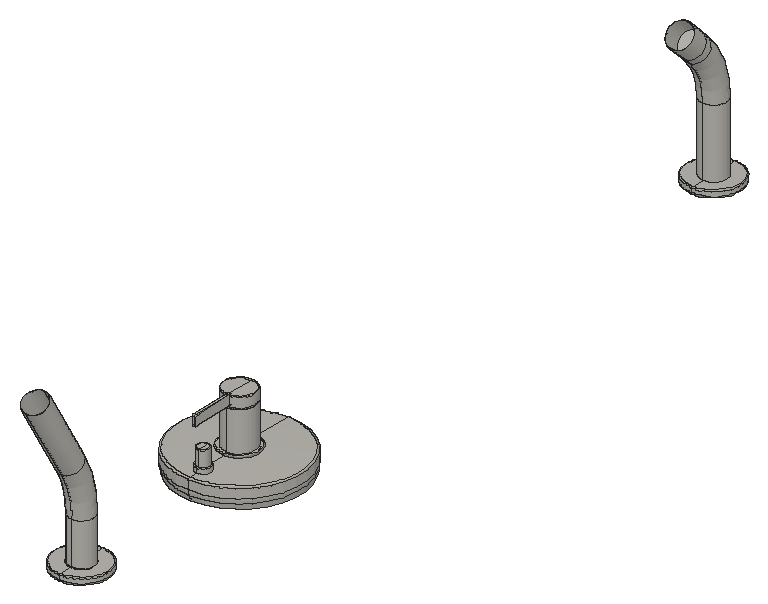
Revit family "Shower-Bath_and_Shower_Trim-KOHLER-Stillness-K-T948", category Plumbing Fixtures, host Face, Revit 2015 (continued)
Definition of nested family "K-948-Showerhead"
  Lines and regions (in)
    symbolic lines, visible <- "ShowerHead", detail levels medium+fine
      curve 80: spline (-1.05088, -4.53476, 0) -> (-1.02639, -4.53248, 0) -> (-1.00356, -4.52579, 0) -> (-0.98396, -4.51516, 0) -> (-0.96892, -4.5013, 0) -> (-0.95947, -4.48516, 0) -> (-0.95624, -4.46784, 0) -> (-0.95947, -4.45052, 0) -> (-0.96892, -4.43438, 0) -> (-0.98396, -4.42052, 0) -> (-1.00356, -4.40988, 0) -> (-1.02639, -4.40319, 0) -> (-1.05088, -4.40091, 0)
      curve 81: spline (-0.62285, -4.70358, 0) -> (-0.62608, -4.68626, 0) -> (-0.63553, -4.67012, 0) -> (-0.65057, -4.65626, 0) -> (-0.67018, -4.64562, 0) -> (-0.693, -4.63894, 0) -> (-0.7175, -4.63666, 0) -> (-0.74199, -4.63894, 0) -> (-0.76482, -4.64562, 0) -> (-0.78442, -4.65626, 0) -> (-0.79946, -4.67012, 0) -> (-0.80891, -4.68626, 0) -> (-0.81214, -4.70358, 0)
      curve 82: spline (-0.81214, -4.70358, 0) -> (-0.80891, -4.7209, 0) -> (-0.79946, -4.73704, 0) -> (-0.78442, -4.7509, 0) -> (-0.76482, -4.76153, 0) -> (-0.74199, -4.76822, 0) -> (-0.7175, -4.7705, 0) -> (-0.693, -4.76822, 0) -> (-0.67018, -4.76153, 0) -> (-0.65057, -4.7509, 0) -> (-0.63553, -4.73704, 0) -> (-0.62608, -4.7209, 0) -> (-0.62285, -4.70358, 0)
      curve 83: spline (-0.26271, -4.80768, 0) -> (-0.25949, -4.825, 0) -> (-0.25003, -4.84114, 0) -> (-0.23499, -4.855, 0) -> (-0.21539, -4.86563, 0) -> (-0.19257, -4.87232, 0) -> (-0.16807, -4.8746, 0) -> (-0.14358, -4.87232, 0) -> (-0.12075, -4.86563, 0) -> (-0.10115, -4.855, 0) -> (-0.08611, -4.84114, 0) -> (-0.07665, -4.825, 0) -> (-0.07343, -4.80768, 0)
      curve 84: spline (-0.07343, -4.80768, 0) -> (-0.07665, -4.79036, 0) -> (-0.08611, -4.77422, 0) -> (-0.10115, -4.76036, 0) -> (-0.12075, -4.74972, 0) -> (-0.14358, -4.74303, 0) -> (-0.16807, -4.74075, 0) -> (-0.19257, -4.74303, 0) -> (-0.21539, -4.74972, 0) -> (-0.23499, -4.76036, 0) -> (-0.25003, -4.77422, 0) -> (-0.25949, -4.79036, 0) -> (-0.26271, -4.80768, 0)
      curve 85: spline (-0.09252, -4.32858, 0) -> (-0.09575, -4.31126, 0) -> (-0.1052, -4.29512, 0) -> (-0.12024, -4.28126, 0) -> (-0.13985, -4.27062, 0) -> (-0.16267, -4.26394, 0) -> (-0.18717, -4.26166, 0) -> (-0.21166, -4.26394, 0) -> (-0.23449, -4.27062, 0) -> (-0.25409, -4.28126, 0) -> (-0.26913, -4.29512, 0) -> (-0.27858, -4.31126, 0) -> (-0.28181, -4.32858, 0)
      curve 86: spline (-0.28181, -4.32858, 0) -> (-0.27858, -4.3459, 0) -> (-0.26913, -4.36204, 0) -> (-0.25409, -4.3759, 0) -> (-0.23449, -4.38653, 0) -> (-0.21166, -4.39322, 0) -> (-0.18717, -4.3955, 0) -> (-0.16267, -4.39322, 0) -> (-0.13985, -4.38653, 0) -> (-0.12024, -4.3759, 0) -> (-0.1052, -4.36204, 0) -> (-0.09575, -4.3459, 0) -> (-0.09252, -4.32858, 0)
      curve 87: spline (-0.52055, -4.02591, 0) -> (-0.54505, -4.02819, 0) -> (-0.56788, -4.03488, 0) -> (-0.58748, -4.04552, 0) -> (-0.60252, -4.05938, 0) -> (-0.61197, -4.07552, 0) -> (-0.6152, -4.09284, 0) -> (-0.61197, -4.11016, 0) -> (-0.60252, -4.1263, 0) -> (-0.58748, -4.14016, 0) -> (-0.56788, -4.15079, 0) -> (-0.54505, -4.15748, 0) -> (-0.52055, -4.15976, 0)
      curve 88: spline (-0.52055, -4.15976, 0) -> (-0.49606, -4.15748, 0) -> (-0.47323, -4.15079, 0) -> (-0.45363, -4.14016, 0) -> (-0.43859, -4.1263, 0) -> (-0.42914, -4.11016, 0) -> (-0.42591, -4.09284, 0) -> (-0.42914, -4.07552, 0) -> (-0.43859, -4.05938, 0) -> (-0.45363, -4.04552, 0) -> (-0.47323, -4.03488, 0) -> (-0.49606, -4.02819, 0) -> (-0.52055, -4.02591, 0)
      curve 89: spline (-0.52055, -3.89507, 0) -> (-0.49606, -3.89278, 0) -> (-0.47323, -3.8861, 0) -> (-0.45363, -3.87546, 0) -> (-0.43859, -3.8616, 0) -> (-0.42914, -3.84546, 0) -> (-0.42591, -3.82814, 0) -> (-0.42914, -3.81082, 0) -> (-0.43859, -3.79468, 0) -> (-0.45363, -3.78082, 0) -> (-0.47323, -3.77019, 0) -> (-0.49606, -3.7635, 0) -> (-0.52055, -3.76122, 0)
      curve 90: spline (-0.52055, -3.76122, 0) -> (-0.54505, -3.7635, 0) -> (-0.56788, -3.77019, 0) -> (-0.58748, -3.78082, 0) -> (-0.60252, -3.79468, 0) -> (-0.61197, -3.81082, 0) -> (-0.6152, -3.82814, 0) -> (-0.61197, -3.84546, 0) -> (-0.60252, -3.8616, 0) -> (-0.58748, -3.87546, 0) -> (-0.56788, -3.8861, 0) -> (-0.54505, -3.89278, 0) -> (-0.52055, -3.89507, 0)
      curve 91: spline (-0.28181, -3.5924, 0) -> (-0.27858, -3.60972, 0) -> (-0.26913, -3.62586, 0) -> (-0.25409, -3.63972, 0) -> (-0.23449, -3.65036, 0) -> (-0.21166, -3.65704, 0) -> (-0.18717, -3.65932, 0) -> (-0.16267, -3.65704, 0) -> (-0.13985, -3.65036, 0) -> (-0.12024, -3.63972, 0) -> (-0.1052, -3.62586, 0) -> (-0.09575, -3.60972, 0) -> (-0.09252, -3.5924, 0)
      curve 92: spline (-0.09252, -3.5924, 0) -> (-0.09575, -3.57508, 0) -> (-0.1052, -3.55894, 0) -> (-0.12024, -3.54508, 0) -> (-0.13985, -3.53445, 0) -> (-0.16267, -3.52776, 0) -> (-0.18717, -3.52548, 0) -> (-0.21166, -3.52776, 0) -> (-0.23449, -3.53445, 0) -> (-0.25409, -3.54508, 0) -> (-0.26913, -3.55894, 0) -> (-0.27858, -3.57508, 0) -> (-0.28181, -3.5924, 0)
      curve 93: spline (0, -4.1278, 0) -> (-0.07965, -4.12038, 0) -> (-0.15388, -4.09864, 0) -> (-0.21762, -4.06406, 0) -> (-0.26652, -4.01899, 0) -> (-0.29727, -3.96651, 0) -> (-0.30775, -3.91018, 0) -> (-0.29727, -3.85386, 0) -> (-0.26652, -3.80138, 0) -> (-0.21762, -3.75631, 0) -> (-0.15388, -3.72172, 0) -> (-0.07965, -3.69998, 0) -> (0, -3.69257, 0)
      curve 94: spline (0, -3.69257, 0) -> (0.07965, -3.69998, 0) -> (0.15388, -3.72172, 0) -> (0.21762, -3.75631, 0) -> (0.26652, -3.80138, 0) -> (0.29727, -3.85386, 0) -> (0.30775, -3.91018, 0) -> (0.29727, -3.96651, 0) -> (0.26652, -4.01899, 0) -> (0.21762, -4.06406, 0) -> (0.15388, -4.09864, 0) -> (0.07965, -4.12038, 0) -> (0, -4.1278, 0)
      curve 95: spline (2.46567, -3.90236, 0) -> (2.44117, -3.90008, 0) -> (2.41835, -3.89339, 0) -> (2.39875, -3.88275, 0) -> (2.3837, -3.8689, 0) -> (2.37425, -3.85275, 0) -> (2.37103, -3.83543, 0) -> (2.37425, -3.81811, 0) -> (2.3837, -3.80197, 0) -> (2.39875, -3.78811, 0) -> (2.41835, -3.77748, 0) -> (2.44117, -3.77079, 0) -> (2.46567, -3.76851, 0)
      curve 96: spline (2.46567, -3.76851, 0) -> (2.49016, -3.77079, 0) -> (2.51299, -3.77748, 0) -> (2.53259, -3.78811, 0) -> (2.54763, -3.80197, 0) -> (2.55708, -3.81811, 0) -> (2.56031, -3.83543, 0) -> (2.55708, -3.85275, 0) -> (2.54763, -3.8689, 0) -> (2.53259, -3.88275, 0) -> (2.51299, -3.89339, 0) -> (2.49016, -3.90008, 0) -> (2.46567, -3.90236, 0)
      curve 97: spline (2.16948, -3.42762, 0) -> (2.14498, -3.42534, 0) -> (2.12216, -3.41865, 0) -> (2.10255, -3.40802, 0) -> (2.08751, -3.39416, 0) -> (2.07806, -3.37802, 0) -> (2.07483, -3.3607, 0) -> (2.07806, -3.34338, 0) -> (2.08751, -3.32724, 0) -> (2.10255, -3.31338, 0) -> (2.12216, -3.30274, 0) -> (2.14498, -3.29606, 0) -> (2.16948, -3.29378, 0)
      curve 98: spline (2.16948, -3.29378, 0) -> (2.19397, -3.29606, 0) -> (2.2168, -3.30274, 0) -> (2.2364, -3.31338, 0) -> (2.25144, -3.32724, 0) -> (2.26089, -3.34338, 0) -> (2.26412, -3.3607, 0) -> (2.26089, -3.37802, 0) -> (2.25144, -3.39416, 0) -> (2.2364, -3.40802, 0) -> (2.2168, -3.41865, 0) -> (2.19397, -3.42534, 0) -> (2.16948, -3.42762, 0)
      curve 99: spline (1.81039, -2.97541, 0) -> (1.7859, -2.97313, 0) -> (1.76307, -2.96644, 0) -> (1.74347, -2.95581, 0) -> (1.72843, -2.94195, 0) -> (1.71898, -2.92581, 0) -> (1.71575, -2.90849, 0) -> (1.71898, -2.89117, 0) -> (1.72843, -2.87503, 0) -> (1.74347, -2.86117, 0) -> (1.76307, -2.85053, 0) -> (1.7859, -2.84385, 0) -> (1.81039, -2.84157, 0)
      curve 100: spline (1.81039, -2.84157, 0) -> (1.83489, -2.84385, 0) -> (1.85771, -2.85053, 0) -> (1.87731, -2.86117, 0) -> (1.89236, -2.87503, 0) -> (1.90181, -2.89117, 0) -> (1.90503, -2.90849, 0) -> (1.90181, -2.92581, 0) -> (1.89236, -2.94195, 0) -> (1.87731, -2.95581, 0) -> (1.85771, -2.96644, 0) -> (1.83489, -2.97313, 0) -> (1.81039, -2.97541, 0)
      curve 101: spline (1.62659, -2.7116, 0) -> (1.62337, -2.72892, 0) -> (1.61391, -2.74506, 0) -> (1.59887, -2.75892, 0) -> (1.57927, -2.76955, 0) -> (1.55645, -2.77624, 0) -> (1.53195, -2.77852, 0) -> (1.50746, -2.77624, 0) -> (1.48463, -2.76955, 0) -> (1.46503, -2.75892, 0) -> (1.44999, -2.74506, 0) -> (1.44053, -2.72892, 0) -> (1.43731, -2.7116, 0)
      curve 102: spline (1.43731, -2.7116, 0) -> (1.44053, -2.69428, 0) -> (1.44999, -2.67814, 0) -> (1.46503, -2.66428, 0) -> (1.48463, -2.65364, 0) -> (1.50746, -2.64696, 0) -> (1.53195, -2.64468, 0) -> (1.55645, -2.64696, 0) -> (1.57927, -2.65364, 0) -> (1.59887, -2.66428, 0) -> (1.61391, -2.67814, 0) -> (1.62337, -2.69428, 0) -> (1.62659, -2.7116, 0)
      curve 103: spline (0.94288, -2.45769, 0) -> (0.93965, -2.47501, 0) -> (0.9302, -2.49115, 0) -> (0.91516, -2.50501, 0) -> (0.89556, -2.51564, 0) -> (0.87273, -2.52233, 0) -> (0.84823, -2.52461, 0) -> (0.82374, -2.52233, 0) -> (0.80091, -2.51564, 0) -> (0.78131, -2.50501, 0) -> (0.76627, -2.49115, 0) -> (0.75682, -2.47501, 0) -> (0.75359, -2.45769, 0)
      curve 104: spline (0.75359, -2.45769, 0) -> (0.75682, -2.44037, 0) -> (0.76627, -2.42423, 0) -> (0.78131, -2.41037, 0) -> (0.80091, -2.39973, 0) -> (0.82374, -2.39305, 0) -> (0.84823, -2.39077, 0) -> (0.87273, -2.39305, 0) -> (0.89556, -2.39973, 0) -> (0.91516, -2.41037, 0) -> (0.9302, -2.42423, 0) -> (0.93965, -2.44037, 0) -> (0.94288, -2.45769, 0)
      curve 105: spline (2.46567, -4.15247, 0) -> (2.44117, -4.15019, 0) -> (2.41835, -4.1435, 0) -> (2.39875, -4.13287, 0) -> (2.3837, -4.11901, 0) -> (2.37425, -4.10287, 0) -> (2.37103, -4.08555, 0) -> (2.37425, -4.06822, 0) -> (2.3837, -4.05208, 0) -> (2.39875, -4.03822, 0) -> (2.41835, -4.02759, 0) -> (2.44117, -4.0209, 0) -> (2.46567, -4.01862, 0)
      curve 106: spline (2.46567, -4.01862, 0) -> (2.49016, -4.0209, 0) -> (2.51299, -4.02759, 0) -> (2.53259, -4.03822, 0) -> (2.54763, -4.05208, 0) -> (2.55708, -4.06822, 0) -> (2.56031, -4.08555, 0) -> (2.55708, -4.10287, 0) -> (2.54763, -4.11901, 0) -> (2.53259, -4.13287, 0) -> (2.51299, -4.1435, 0) -> (2.49016, -4.15019, 0) -> (2.46567, -4.15247, 0)
      curve 107: spline (2.16948, -4.6272, 0) -> (2.14498, -4.62492, 0) -> (2.12216, -4.61824, 0) -> (2.10255, -4.6076, 0) -> (2.08751, -4.59374, 0) -> (2.07806, -4.5776, 0) -> (2.07483, -4.56028, 0) -> (2.07806, -4.54296, 0) -> (2.08751, -4.52682, 0) -> (2.10255, -4.51296, 0) -> (2.12216, -4.50233, 0) -> (2.14498, -4.49564, 0) -> (2.16948, -4.49336, 0)
      curve 108: spline (2.16948, -4.49336, 0) -> (2.19397, -4.49564, 0) -> (2.2168, -4.50233, 0) -> (2.2364, -4.51296, 0) -> (2.25144, -4.52682, 0) -> (2.26089, -4.54296, 0) -> (2.26412, -4.56028, 0) -> (2.26089, -4.5776, 0) -> (2.25144, -4.59374, 0) -> (2.2364, -4.6076, 0) -> (2.2168, -4.61824, 0) -> (2.19397, -4.62492, 0) -> (2.16948, -4.6272, 0)
      curve 109: spline (1.81039, -5.11066, 0) -> (1.7859, -5.10838, 0) -> (1.76307, -5.1017, 0) -> (1.74347, -5.09106, 0) -> (1.72843, -5.0772, 0) -> (1.71898, -5.06106, 0) -> (1.71575, -5.04374, 0) -> (1.71898, -5.02642, 0) -> (1.72843, -5.01028, 0) -> (1.74347, -4.99642, 0) -> (1.76307, -4.98579, 0) -> (1.7859, -4.9791, 0) -> (1.81039, -4.97682, 0)
      curve 110: spline (1.81039, -4.97682, 0) -> (1.83489, -4.9791, 0) -> (1.85771, -4.98579, 0) -> (1.87731, -4.99642, 0) -> (1.89236, -5.01028, 0) -> (1.90181, -5.02642, 0) -> (1.90503, -5.04374, 0) -> (1.90181, -5.06106, 0) -> (1.89236, -5.0772, 0) -> (1.87731, -5.09106, 0) -> (1.85771, -5.1017, 0) -> (1.83489, -5.10838, 0) -> (1.81039, -5.11066, 0)
      curve 111: spline (1.62659, -5.24063, 0) -> (1.62337, -5.25795, 0) -> (1.61391, -5.27409, 0) -> (1.59887, -5.28795, 0) -> (1.57927, -5.29859, 0) -> (1.55645, -5.30527, 0) -> (1.53195, -5.30755, 0) -> (1.50746, -5.30527, 0) -> (1.48463, -5.29859, 0) -> (1.46503, -5.28795, 0) -> (1.44999, -5.27409, 0) -> (1.44053, -5.25795, 0) -> (1.43731, -5.24063, 0)
      curve 112: spline (1.43731, -5.24063, 0) -> (1.44053, -5.22331, 0) -> (1.44999, -5.20717, 0) -> (1.46503, -5.19331, 0) -> (1.48463, -5.18268, 0) -> (1.50746, -5.17599, 0) -> (1.53195, -5.17371, 0) -> (1.55645, -5.17599, 0) -> (1.57927, -5.18268, 0) -> (1.59887, -5.19331, 0) -> (1.61391, -5.20717, 0) -> (1.62337, -5.22331, 0) -> (1.62659, -5.24063, 0)
      curve 113: spline (0.75359, -5.49454, 0) -> (0.75682, -5.47722, 0) -> (0.76627, -5.46108, 0) -> (0.78131, -5.44722, 0) -> (0.80091, -5.43659, 0) -> (0.82374, -5.4299, 0) -> (0.84823, -5.42762, 0) -> (0.87273, -5.4299, 0) -> (0.89556, -5.43659, 0) -> (0.91516, -5.44722, 0) -> (0.9302, -5.46108, 0) -> (0.93965, -5.47722, 0) -> (0.94288, -5.49454, 0)
      curve 114: spline (0.94288, -5.49454, 0) -> (0.93965, -5.51186, 0) -> (0.9302, -5.528, 0) -> (0.91516, -5.54186, 0) -> (0.89556, -5.5525, 0) -> (0.87273, -5.55918, 0) -> (0.84823, -5.56146, 0) -> (0.82374, -5.55918, 0) -> (0.80091, -5.5525, 0) -> (0.78131, -5.54186, 0) -> (0.76627, -5.528, 0) -> (0.75682, -5.51186, 0) -> (0.75359, -5.49454, 0)
      curve 115: spline (0.2715, -5.70398, 0) -> (0.26827, -5.7213, 0) -> (0.25882, -5.73744, 0) -> (0.24378, -5.7513, 0) -> (0.22418, -5.76194, 0) -> (0.20135, -5.76862, 0) -> (0.17686, -5.7709, 0) -> (0.15236, -5.76862, 0) -> (0.12953, -5.76194, 0) -> (0.10993, -5.7513, 0) -> (0.09489, -5.73744, 0) -> (0.08544, -5.7213, 0) -> (0.08221, -5.70398, 0)
      curve 116: spline (0.08221, -5.70398, 0) -> (0.08544, -5.68666, 0) -> (0.09489, -5.67052, 0) -> (0.10993, -5.65666, 0) -> (0.12953, -5.64602, 0) -> (0.15236, -5.63934, 0) -> (0.17686, -5.63706, 0) -> (0.20135, -5.63934, 0) -> (0.22418, -5.64602, 0) -> (0.24378, -5.65666, 0) -> (0.25882, -5.67052, 0) -> (0.26827, -5.68666, 0) -> (0.2715, -5.70398, 0)
      curve 117: spline (0.2715, -5.26805, 0) -> (0.26827, -5.28537, 0) -> (0.25882, -5.30151, 0) -> (0.24378, -5.31537, 0) -> (0.22418, -5.32601, 0) -> (0.20135, -5.33269, 0) -> (0.17686, -5.33497, 0) -> (0.15236, -5.33269, 0) -> (0.12953, -5.32601, 0) -> (0.10993, -5.31537, 0) -> (0.09489, -5.30151, 0) -> (0.08544, -5.28537, 0) -> (0.08221, -5.26805, 0)
      curve 118: spline (0.08221, -5.26805, 0) -> (0.08544, -5.25073, 0) -> (0.09489, -5.23459, 0) -> (0.10993, -5.22073, 0) -> (0.12953, -5.2101, 0) -> (0.15236, -5.20341, 0) -> (0.17686, -5.20113, 0) -> (0.20135, -5.20341, 0) -> (0.22418, -5.2101, 0) -> (0.24378, -5.22073, 0) -> (0.25882, -5.23459, 0) -> (0.26827, -5.25073, 0) -> (0.2715, -5.26805, 0)
      curve 119: spline (0.73157, -5.17411, 0) -> (0.72834, -5.19143, 0) -> (0.71889, -5.20757, 0) -> (0.70385, -5.22143, 0) -> (0.68425, -5.23207, 0) -> (0.66142, -5.23875, 0) -> (0.63693, -5.24103, 0) -> (0.61243, -5.23875, 0) -> (0.5896, -5.23207, 0) -> (0.57, -5.22143, 0) -> (0.55496, -5.20757, 0) -> (0.54551, -5.19143, 0) -> (0.54228, -5.17411, 0)
      curve 120: spline (0.54228, -5.17411, 0) -> (0.54551, -5.15679, 0) -> (0.55496, -5.14065, 0) -> (0.57, -5.12679, 0) -> (0.5896, -5.11616, 0) -> (0.61243, -5.10947, 0) -> (0.63693, -5.10719, 0) -> (0.66142, -5.10947, 0) -> (0.68425, -5.11616, 0) -> (0.70385, -5.12679, 0) -> (0.71889, -5.14065, 0) -> (0.72834, -5.15679, 0) -> (0.73157, -5.17411, 0)
      curve 121: spline (1.21702, -5.03784, 0) -> (1.21379, -5.05516, 0) -> (1.20434, -5.0713, 0) -> (1.1893, -5.08516, 0) -> (1.16969, -5.0958, 0) -> (1.14687, -5.10248, 0) -> (1.12237, -5.10476, 0) -> (1.09788, -5.10248, 0) -> (1.07505, -5.0958, 0) -> (1.05545, -5.08516, 0) -> (1.04041, -5.0713, 0) -> (1.03096, -5.05516, 0) -> (1.02773, -5.03784, 0)
      curve 122: spline (1.02773, -5.03784, 0) -> (1.03096, -5.02052, 0) -> (1.04041, -5.00438, 0) -> (1.05545, -4.99052, 0) -> (1.07505, -4.97989, 0) -> (1.09788, -4.9732, 0) -> (1.12237, -4.97092, 0) -> (1.14687, -4.9732, 0) -> (1.16969, -4.97989, 0) -> (1.1893, -4.99052, 0) -> (1.20434, -5.00438, 0) -> (1.21379, -5.02052, 0) -> (1.21702, -5.03784, 0)
      curve 123: spline (1.5236, -4.68721, 0) -> (1.5481, -4.68949, 0) -> (1.57093, -4.69617, 0) -> (1.59053, -4.70681, 0) -> (1.60557, -4.72067, 0) -> (1.61502, -4.73681, 0) -> (1.61825, -4.75413, 0) -> (1.61502, -4.77145, 0) -> (1.60557, -4.78759, 0) -> (1.59053, -4.80145, 0) -> (1.57093, -4.81208, 0) -> (1.5481, -4.81877, 0) -> (1.5236, -4.82105, 0)
      curve 124: spline (1.5236, -4.82105, 0) -> (1.49911, -4.81877, 0) -> (1.47628, -4.81208, 0) -> (1.45668, -4.80145, 0) -> (1.44164, -4.78759, 0) -> (1.43219, -4.77145, 0) -> (1.42896, -4.75413, 0) -> (1.43219, -4.73681, 0) -> (1.44164, -4.72067, 0) -> (1.45668, -4.70681, 0) -> (1.47628, -4.69617, 0) -> (1.49911, -4.68949, 0) -> (1.5236, -4.68721, 0)
      curve 125: spline (1.71632, -4.34394, 0) -> (1.74082, -4.34622, 0) -> (1.76364, -4.35291, 0) -> (1.78324, -4.36354, 0) -> (1.79828, -4.3774, 0) -> (1.80774, -4.39354, 0) -> (1.81096, -4.41086, 0) -> (1.80774, -4.42818, 0) -> (1.79828, -4.44432, 0) -> (1.78324, -4.45818, 0) -> (1.76364, -4.46882, 0) -> (1.74082, -4.47551, 0) -> (1.71632, -4.47779, 0)
      curve 126: spline (1.71632, -4.47779, 0) -> (1.69183, -4.47551, 0) -> (1.669, -4.46882, 0) -> (1.6494, -4.45818, 0) -> (1.63436, -4.44432, 0) -> (1.62491, -4.42818, 0) -> (1.62168, -4.41086, 0) -> (1.62491, -4.39354, 0) -> (1.63436, -4.3774, 0) -> (1.6494, -4.36354, 0) -> (1.669, -4.35291, 0) -> (1.69183, -4.34622, 0) -> (1.71632, -4.34394, 0)
      curve 127: spline (1.84917, -4.15247, 0) -> (1.82468, -4.15019, 0) -> (1.80185, -4.1435, 0) -> (1.78225, -4.13287, 0) -> (1.76721, -4.11901, 0) -> (1.75776, -4.10287, 0) -> (1.75453, -4.08555, 0) -> (1.75776, -4.06822, 0) -> (1.76721, -4.05208, 0) -> (1.78225, -4.03822, 0) -> (1.80185, -4.02759, 0) -> (1.82468, -4.0209, 0) -> (1.84917, -4.01862, 0)
      curve 128: spline (1.84917, -4.01862, 0) -> (1.87367, -4.0209, 0) -> (1.89649, -4.02759, 0) -> (1.91609, -4.03822, 0) -> (1.93114, -4.05208, 0) -> (1.94059, -4.06822, 0) -> (1.94381, -4.08555, 0) -> (1.94059, -4.10287, 0) -> (1.93114, -4.11901, 0) -> (1.91609, -4.13287, 0) -> (1.89649, -4.1435, 0) -> (1.87367, -4.15019, 0) -> (1.84917, -4.15247, 0)
      curve 129: spline (1.84917, -3.90236, 0) -> (1.82468, -3.90008, 0) -> (1.80185, -3.89339, 0) -> (1.78225, -3.88275, 0) -> (1.76721, -3.8689, 0) -> (1.75776, -3.85275, 0) -> (1.75453, -3.83543, 0) -> (1.75776, -3.81811, 0) -> (1.76721, -3.80197, 0) -> (1.78225, -3.78811, 0) -> (1.80185, -3.77748, 0) -> (1.82468, -3.77079, 0) -> (1.84917, -3.76851, 0)
      curve 130: spline (1.84917, -3.76851, 0) -> (1.87367, -3.77079, 0) -> (1.89649, -3.77748, 0) -> (1.91609, -3.78811, 0) -> (1.93114, -3.80197, 0) -> (1.94059, -3.81811, 0) -> (1.94381, -3.83543, 0) -> (1.94059, -3.85275, 0) -> (1.93114, -3.8689, 0) -> (1.91609, -3.88275, 0) -> (1.89649, -3.89339, 0) -> (1.87367, -3.90008, 0) -> (1.84917, -3.90236, 0)
      curve 131: spline (1.71632, -3.57704, 0) -> (1.69183, -3.57476, 0) -> (1.669, -3.56807, 0) -> (1.6494, -3.55744, 0) -> (1.63436, -3.54358, 0) -> (1.62491, -3.52744, 0) -> (1.62168, -3.51012, 0) -> (1.62491, -3.4928, 0) -> (1.63436, -3.47665, 0) -> (1.6494, -3.46279, 0) -> (1.669, -3.45216, 0) -> (1.69183, -3.44547, 0) -> (1.71632, -3.44319, 0)
      curve 132: spline (1.71632, -3.44319, 0) -> (1.74082, -3.44547, 0) -> (1.76364, -3.45216, 0) -> (1.78324, -3.46279, 0) -> (1.79828, -3.47665, 0) -> (1.80774, -3.4928, 0) -> (1.81096, -3.51012, 0) -> (1.80774, -3.52744, 0) -> (1.79828, -3.54358, 0) -> (1.78324, -3.55744, 0) -> (1.76364, -3.56807, 0) -> (1.74082, -3.57476, 0) -> (1.71632, -3.57704, 0)
      curve 133: spline (1.5236, -3.23377, 0) -> (1.49911, -3.23149, 0) -> (1.47628, -3.22481, 0) -> (1.45668, -3.21417, 0) -> (1.44164, -3.20031, 0) -> (1.43219, -3.18417, 0) -> (1.42896, -3.16685, 0) -> (1.43219, -3.14953, 0) -> (1.44164, -3.13339, 0) -> (1.45668, -3.11953, 0) -> (1.47628, -3.1089, 0) -> (1.49911, -3.10221, 0) -> (1.5236, -3.09993, 0)
      curve 134: spline (1.5236, -3.09993, 0) -> (1.5481, -3.10221, 0) -> (1.57093, -3.1089, 0) -> (1.59053, -3.11953, 0) -> (1.60557, -3.13339, 0) -> (1.61502, -3.14953, 0) -> (1.61825, -3.16685, 0) -> (1.61502, -3.18417, 0) -> (1.60557, -3.20031, 0) -> (1.59053, -3.21417, 0) -> (1.57093, -3.22481, 0) -> (1.5481, -3.23149, 0) -> (1.5236, -3.23377, 0)
      curve 135: spline (1.21702, -2.88314, 0) -> (1.21379, -2.90046, 0) -> (1.20434, -2.9166, 0) -> (1.1893, -2.93046, 0) -> (1.16969, -2.94109, 0) -> (1.14687, -2.94778, 0) -> (1.12237, -2.95006, 0) -> (1.09788, -2.94778, 0) -> (1.07505, -2.94109, 0) -> (1.05545, -2.93046, 0) -> (1.04041, -2.9166, 0) -> (1.03096, -2.90046, 0) -> (1.02773, -2.88314, 0)
      curve 136: spline (1.02773, -2.88314, 0) -> (1.03096, -2.86582, 0) -> (1.04041, -2.84968, 0) -> (1.05545, -2.83582, 0) -> (1.07505, -2.82518, 0) -> (1.09788, -2.8185, 0) -> (1.12237, -2.81622, 0) -> (1.14687, -2.8185, 0) -> (1.16969, -2.82518, 0) -> (1.1893, -2.83582, 0) -> (1.20434, -2.84968, 0) -> (1.21379, -2.86582, 0) -> (1.21702, -2.88314, 0)
      curve 137: spline (0.54228, -2.74687, 0) -> (0.54551, -2.72955, 0) -> (0.55496, -2.71341, 0) -> (0.57, -2.69955, 0) -> (0.5896, -2.68891, 0) -> (0.61243, -2.68223, 0) -> (0.63693, -2.67995, 0) -> (0.66142, -2.68223, 0) -> (0.68425, -2.68891, 0) -> (0.70385, -2.69955, 0) -> (0.71889, -2.71341, 0) -> (0.72834, -2.72955, 0) -> (0.73157, -2.74687, 0)
      curve 138: spline (0.73157, -2.74687, 0) -> (0.72834, -2.76419, 0) -> (0.71889, -2.78033, 0) -> (0.70385, -2.79419, 0) -> (0.68425, -2.80482, 0) -> (0.66142, -2.81151, 0) -> (0.63693, -2.81379, 0) -> (0.61243, -2.81151, 0) -> (0.5896, -2.80482, 0) -> (0.57, -2.79419, 0) -> (0.55496, -2.78033, 0) -> (0.54551, -2.76419, 0) -> (0.54228, -2.74687, 0)
      curve 139: spline (0.2715, -2.65293, 0) -> (0.26827, -2.67025, 0) -> (0.25882, -2.68639, 0) -> (0.24378, -2.70025, 0) -> (0.22418, -2.71088, 0) -> (0.20135, -2.71757, 0) -> (0.17686, -2.71985, 0) -> (0.15236, -2.71757, 0) -> (0.12953, -2.71088, 0) -> (0.10993, -2.70025, 0) -> (0.09489, -2.68639, 0) -> (0.08544, -2.67025, 0) -> (0.08221, -2.65293, 0)
      curve 140: spline (0.08221, -2.65293, 0) -> (0.08544, -2.63561, 0) -> (0.09489, -2.61947, 0) -> (0.10993, -2.60561, 0) -> (0.12953, -2.59497, 0) -> (0.15236, -2.58829, 0) -> (0.17686, -2.58601, 0) -> (0.20135, -2.58829, 0) -> (0.22418, -2.59497, 0) -> (0.24378, -2.60561, 0) -> (0.25882, -2.61947, 0) -> (0.26827, -2.63561, 0) -> (0.2715, -2.65293, 0)
      curve 141: spline (0.26271, -3.1133, 0) -> (0.25949, -3.13062, 0) -> (0.25003, -3.14676, 0) -> (0.23499, -3.16062, 0) -> (0.21539, -3.17126, 0) -> (0.19257, -3.17794, 0) -> (0.16807, -3.18023, 0) -> (0.14358, -3.17794, 0) -> (0.12075, -3.17126, 0) -> (0.10115, -3.16062, 0) -> (0.08611, -3.14676, 0) -> (0.07665, -3.13062, 0) -> (0.07343, -3.1133, 0)
      curve 142: spline (0.07343, -3.1133, 0) -> (0.07665, -3.09598, 0) -> (0.08611, -3.07984, 0) -> (0.10115, -3.06598, 0) -> (0.12075, -3.05535, 0) -> (0.14358, -3.04866, 0) -> (0.16807, -3.04638, 0) -> (0.19257, -3.04866, 0) -> (0.21539, -3.05535, 0) -> (0.23499, -3.06598, 0) -> (0.25003, -3.07984, 0) -> (0.25949, -3.09598, 0) -> (0.26271, -3.1133, 0)
      curve 143: spline (0.81214, -3.2174, 0) -> (0.80891, -3.23472, 0) -> (0.79946, -3.25086, 0) -> (0.78442, -3.26472, 0) -> (0.76482, -3.27536, 0) -> (0.74199, -3.28204, 0) -> (0.7175, -3.28432, 0) -> (0.693, -3.28204, 0) -> (0.67018, -3.27536, 0) -> (0.65057, -3.26472, 0) -> (0.63553, -3.25086, 0) -> (0.62608, -3.23472, 0) -> (0.62285, -3.2174, 0)
      curve 144: spline (0.62285, -3.2174, 0) -> (0.62608, -3.20008, 0) -> (0.63553, -3.18394, 0) -> (0.65057, -3.17008, 0) -> (0.67018, -3.15945, 0) -> (0.693, -3.15276, 0) -> (0.7175, -3.15048, 0) -> (0.74199, -3.15276, 0) -> (0.76482, -3.15945, 0) -> (0.78442, -3.17008, 0) -> (0.79946, -3.18394, 0) -> (0.80891, -3.20008, 0) -> (0.81214, -3.2174, 0)
      curve 145: spline (1.05088, -3.52007, 0) -> (1.02639, -3.51778, 0) -> (1.00356, -3.5111, 0) -> (0.98396, -3.50046, 0) -> (0.96892, -3.4866, 0) -> (0.95947, -3.47046, 0) -> (0.95624, -3.45314, 0) -> (0.95947, -3.43582, 0) -> (0.96892, -3.41968, 0) -> (0.98396, -3.40582, 0) -> (1.00356, -3.39519, 0) -> (1.02639, -3.3885, 0) -> (1.05088, -3.38622, 0)
      curve 146: spline (1.05088, -3.38622, 0) -> (1.07538, -3.3885, 0) -> (1.09821, -3.39519, 0) -> (1.11781, -3.40582, 0) -> (1.13285, -3.41968, 0) -> (1.1423, -3.43582, 0) -> (1.14553, -3.45314, 0) -> (1.1423, -3.47046, 0) -> (1.13285, -3.4866, 0) -> (1.11781, -3.50046, 0) -> (1.09821, -3.5111, 0) -> (1.07538, -3.51778, 0) -> (1.05088, -3.52007, 0)
      curve 147: spline (1.1981, -3.90857, 0) -> (1.17361, -3.90629, 0) -> (1.15078, -3.8996, 0) -> (1.13118, -3.88897, 0) -> (1.11614, -3.87511, 0) -> (1.10669, -3.85897, 0) -> (1.10346, -3.84165, 0) -> (1.10669, -3.82433, 0) -> (1.11614, -3.80818, 0) -> (1.13118, -3.79432, 0) -> (1.15078, -3.78369, 0) -> (1.17361, -3.777, 0) -> (1.1981, -3.77472, 0)
      curve 148: spline (1.1981, -3.77472, 0) -> (1.2226, -3.777, 0) -> (1.24542, -3.78369, 0) -> (1.26502, -3.79432, 0) -> (1.28006, -3.80818, 0) -> (1.28952, -3.82433, 0) -> (1.29274, -3.84165, 0) -> (1.28952, -3.85897, 0) -> (1.28006, -3.87511, 0) -> (1.26502, -3.88897, 0) -> (1.24542, -3.8996, 0) -> (1.2226, -3.90629, 0) -> (1.1981, -3.90857, 0)
      curve 149: spline (1.1981, -4.14626, 0) -> (1.17361, -4.14398, 0) -> (1.15078, -4.13729, 0) -> (1.13118, -4.12665, 0) -> (1.11614, -4.1128, 0) -> (1.10669, -4.09665, 0) -> (1.10346, -4.07933, 0) -> (1.10669, -4.06201, 0) -> (1.11614, -4.04587, 0) -> (1.13118, -4.03201, 0) -> (1.15078, -4.02138, 0) -> (1.17361, -4.01469, 0) -> (1.1981, -4.01241, 0)
      curve 150: spline (1.1981, -4.01241, 0) -> (1.2226, -4.01469, 0) -> (1.24542, -4.02138, 0) -> (1.26502, -4.03201, 0) -> (1.28006, -4.04587, 0) -> (1.28952, -4.06201, 0) -> (1.29274, -4.07933, 0) -> (1.28952, -4.09665, 0) -> (1.28006, -4.1128, 0) -> (1.26502, -4.12665, 0) -> (1.24542, -4.13729, 0) -> (1.2226, -4.14398, 0) -> (1.1981, -4.14626, 0)
      curve 151: spline (1.05088, -4.40091, 0) -> (1.07538, -4.40319, 0) -> (1.09821, -4.40988, 0) -> (1.11781, -4.42052, 0) -> (1.13285, -4.43438, 0) -> (1.1423, -4.45052, 0) -> (1.14553, -4.46784, 0) -> (1.1423, -4.48516, 0) -> (1.13285, -4.5013, 0) -> (1.11781, -4.51516, 0) -> (1.09821, -4.52579, 0) -> (1.07538, -4.53248, 0) -> (1.05088, -4.53476, 0)
      curve 152: spline (1.05088, -4.53476, 0) -> (1.02639, -4.53248, 0) -> (1.00356, -4.52579, 0) -> (0.98396, -4.51516, 0) -> (0.96892, -4.5013, 0) -> (0.95947, -4.48516, 0) -> (0.95624, -4.46784, 0) -> (0.95947, -4.45052, 0) -> (0.96892, -4.43438, 0) -> (0.98396, -4.42052, 0) -> (1.00356, -4.40988, 0) -> (1.02639, -4.40319, 0) -> (1.05088, -4.40091, 0)
      curve 153: spline (0.62285, -4.70358, 0) -> (0.62608, -4.68626, 0) -> (0.63553, -4.67012, 0) -> (0.65057, -4.65626, 0) -> (0.67018, -4.64562, 0) -> (0.693, -4.63894, 0) -> (0.7175, -4.63666, 0) -> (0.74199, -4.63894, 0) -> (0.76482, -4.64562, 0) -> (0.78442, -4.65626, 0) -> (0.79946, -4.67012, 0) -> (0.80891, -4.68626, 0) -> (0.81214, -4.70358, 0)
      curve 154: spline (0.81214, -4.70358, 0) -> (0.80891, -4.7209, 0) -> (0.79946, -4.73704, 0) -> (0.78442, -4.7509, 0) -> (0.76482, -4.76153, 0) -> (0.74199, -4.76822, 0) -> (0.7175, -4.7705, 0) -> (0.693, -4.76822, 0) -> (0.67018, -4.76153, 0) -> (0.65057, -4.7509, 0) -> (0.63553, -4.73704, 0) -> (0.62608, -4.7209, 0) -> (0.62285, -4.70358, 0)
      curve 155: spline (0.26271, -4.80768, 0) -> (0.25949, -4.825, 0) -> (0.25003, -4.84114, 0) -> (0.23499, -4.855, 0) -> (0.21539, -4.86563, 0) -> (0.19257, -4.87232, 0) -> (0.16807, -4.8746, 0) -> (0.14358, -4.87232, 0) -> (0.12075, -4.86563, 0) -> (0.10115, -4.855, 0) -> (0.08611, -4.84114, 0) -> (0.07665, -4.825, 0) -> (0.07343, -4.80768, 0)
      curve 156: spline (0.07343, -4.80768, 0) -> (0.07665, -4.79036, 0) -> (0.08611, -4.77422, 0) -> (0.10115, -4.76036, 0) -> (0.12075, -4.74972, 0) -> (0.14358, -4.74303, 0) -> (0.16807, -4.74075, 0) -> (0.19257, -4.74303, 0) -> (0.21539, -4.74972, 0) -> (0.23499, -4.76036, 0) -> (0.25003, -4.77422, 0) -> (0.25949, -4.79036, 0) -> (0.26271, -4.80768, 0)
      curve 157: spline (0.09252, -4.32858, 0) -> (0.09575, -4.31126, 0) -> (0.1052, -4.29512, 0) -> (0.12024, -4.28126, 0) -> (0.13985, -4.27062, 0) -> (0.16267, -4.26394, 0) -> (0.18717, -4.26166, 0) -> (0.21166, -4.26394, 0) -> (0.23449, -4.27062, 0) -> (0.25409, -4.28126, 0) -> (0.26913, -4.29512, 0) -> (0.27858, -4.31126, 0) -> (0.28181, -4.32858, 0)
      curve 158: spline (0.28181, -4.32858, 0) -> (0.27858, -4.3459, 0) -> (0.26913, -4.36204, 0) -> (0.25409, -4.3759, 0) -> (0.23449, -4.38653, 0) -> (0.21166, -4.39322, 0) -> (0.18717, -4.3955, 0) -> (0.16267, -4.39322, 0) -> (0.13985, -4.38653, 0) -> (0.12024, -4.3759, 0) -> (0.1052, -4.36204, 0) -> (0.09575, -4.3459, 0) -> (0.09252, -4.32858, 0)
      curve 159: spline (0.52055, -4.02591, 0) -> (0.54505, -4.02819, 0) -> (0.56788, -4.03488, 0) -> (0.58748, -4.04552, 0) -> (0.60252, -4.05938, 0) -> (0.61197, -4.07552, 0) -> (0.6152, -4.09284, 0) -> (0.61197, -4.11016, 0) -> (0.60252, -4.1263, 0) -> (0.58748, -4.14016, 0) -> (0.56788, -4.15079, 0) -> (0.54505, -4.15748, 0) -> (0.52055, -4.15976, 0)
      curve 160: spline (0.52055, -4.15976, 0) -> (0.49606, -4.15748, 0) -> (0.47323, -4.15079, 0) -> (0.45363, -4.14016, 0) -> (0.43859, -4.1263, 0) -> (0.42914, -4.11016, 0) -> (0.42591, -4.09284, 0) -> (0.42914, -4.07552, 0) -> (0.43859, -4.05938, 0) -> (0.45363, -4.04552, 0) -> (0.47323, -4.03488, 0) -> (0.49606, -4.02819, 0) -> (0.52055, -4.02591, 0)
      curve 161: spline (0.52055, -3.89507, 0) -> (0.49606, -3.89278, 0) -> (0.47323, -3.8861, 0) -> (0.45363, -3.87546, 0) -> (0.43859, -3.8616, 0) -> (0.42914, -3.84546, 0) -> (0.42591, -3.82814, 0) -> (0.42914, -3.81082, 0) -> (0.43859, -3.79468, 0) -> (0.45363, -3.78082, 0) -> (0.47323, -3.77019, 0) -> (0.49606, -3.7635, 0) -> (0.52055, -3.76122, 0)
      curve 162: spline (0.52055, -3.76122, 0) -> (0.54505, -3.7635, 0) -> (0.56788, -3.77019, 0) -> (0.58748, -3.78082, 0) -> (0.60252, -3.79468, 0) -> (0.61197, -3.81082, 0) -> (0.6152, -3.82814, 0) -> (0.61197, -3.84546, 0) -> (0.60252, -3.8616, 0) -> (0.58748, -3.87546, 0) -> (0.56788, -3.8861, 0) -> (0.54505, -3.89278, 0) -> (0.52055, -3.89507, 0)
      curve 163: spline (0.28181, -3.5924, 0) -> (0.27858, -3.60972, 0) -> (0.26913, -3.62586, 0) -> (0.25409, -3.63972, 0) -> (0.23449, -3.65036, 0) -> (0.21166, -3.65704, 0) -> (0.18717, -3.65932, 0) -> (0.16267, -3.65704, 0) -> (0.13985, -3.65036, 0) -> (0.12024, -3.63972, 0) -> (0.1052, -3.62586, 0) -> (0.09575, -3.60972, 0) -> (0.09252, -3.5924, 0)
      curve 164: spline (0.09252, -3.5924, 0) -> (0.09575, -3.57508, 0) -> (0.1052, -3.55894, 0) -> (0.12024, -3.54508, 0) -> (0.13985, -3.53445, 0) -> (0.16267, -3.52776, 0) -> (0.18717, -3.52548, 0) -> (0.21166, -3.52776, 0) -> (0.23449, -3.53445, 0) -> (0.25409, -3.54508, 0) -> (0.26913, -3.55894, 0) -> (0.27858, -3.57508, 0) -> (0.28181, -3.5924, 0)
      curve 165: arc (-0.65524, -1.65286, 0) -> (0, -1.56599, 0) -> (0.65524, -1.65286, 0) r 2.51469
      curve 166: line (0.65524, 0, 7.5) -> (-0.65524, 0, 7.5)
      curve 167: line (0.65524, 0, 7.5) -> (0.65524, 0, 6.96927)
      curve 168: line (-0.65524, 0, 7.5) -> (-0.65524, 0, 6.96927)
      curve 169: spline (0.62939, 0, 7.62631) -> (0.69458, 0, 7.7108) -> (0.73732, 0, 7.80218) -> (0.75623, 0, 7.8975) -> (0.7507, 0, 7.99367) -> (0.72091, 0, 8.08758) -> (0.66781, 0, 8.17621) -> (0.59314, 0, 8.25668) -> (0.4993, 0, 8.3264) -> (0.38931, 0, 8.38311) -> (0.26675, 0, 8.42498) -> (0.13557, 0, 8.45065) -> (0, 0, 8.45931)
      curve 170: spline (0, 0, 8.45931) -> (-0.13558, 0, 8.45065) -> (-0.26678, 0, 8.42497) -> (-0.38935, 0, 8.38309) -> (-0.49933, 0, 8.32637) -> (-0.59318, 0, 8.25665) -> (-0.66785, 0, 8.17616) -> (-0.72093, 0, 8.08752) -> (-0.75071, 0, 7.99359) -> (-0.75622, 0, 7.89742) -> (-0.73729, 0, 7.80209) -> (-0.69452, 0, 7.71071) -> (-0.6293, 0, 7.62621)
      curve 171: line (-0.8194, 0, 8.41097) -> (-0.79313, 0, 7.90975)
      curve 172: line (0.82319, 0, 8.41399) -> (0.79816, 0, 7.93636)
      curve 173: arc (0.22622, 0, 7.98602) -> (0.00808, 0, 8.05454) -> (-0.21292, 0, 7.99585) r 0.41091
      curve 174: arc (0.36222, 0, 7.88591) -> (0.00079, 0, 8.16785) -> (-0.36085, 0, 7.88618) r 0.37281
      curve 175: arc (0.30962, 0, 7.90714) -> (0.27131, 0, 7.95016) -> (0.22622, 0, 7.98602) r 0.33661
      curve 176: arc (-0.21292, 0, 7.99585) -> (-0.25391, 0, 7.96177) -> (-0.28281, 0, 7.91698) r 0.17594
      curve 177: spline (0.79524, 0, 7.93651) -> (0.79264, 0, 7.90526) -> (0.78813, 0, 7.87415) -> (0.78173, 0, 7.84325) -> (0.77345, 0, 7.81264) -> (0.7633, 0, 7.78239) -> (0.75132, 0, 7.75258) -> (0.73752, 0, 7.72328) -> (0.72195, 0, 7.69455) -> (0.70465, 0, 7.66648) -> (0.68564, 0, 7.63911) -> (0.66499, 0, 7.61253) -> (0.64273, 0, 7.58679)
      curve 178: spline (-0.64307, 0, 7.58715) -> (-0.66374, 0, 7.61101) -> (-0.68304, 0, 7.63559) -> (-0.70092, 0, 7.66086) -> (-0.71735, 0, 7.68674) -> (-0.7323, 0, 7.71321) -> (-0.74573, 0, 7.74019) -> (-0.75762, 0, 7.76763) -> (-0.76793, 0, 7.79548) -> (-0.77666, 0, 7.82367) -> (-0.78378, 0, 7.85215) -> (-0.78927, 0, 7.88087) -> (-0.79313, 0, 7.90975)
      curve 179: line (0, -1.81151, 7.91051) -> (0, -2.53701, 7.185)
      curve 180: line (0, -2.24052, 8.13321) -> (0, -2.75972, 7.61402)
      curve 181: line (0, -2.23432, 8.24672) -> (0, -2.87323, 7.60781)
      curve 182: line (0, -2.45686, 10.0719) -> (0, -4.69841, 7.83036)
  Dimensions and locks (in)
    plane 1 "Center (Front/Back)" to plane 11 = 4 7/8"
    plane 1 "Center (Front/Back)" to plane 13 = 2 1/8"
    aligned and locked: plane 2 to level
Definition of nested family "K-948-valve"
  Parameters (values of type "K-948-valve")
    Material = none
  Reference planes (in)
    plane 1 "Center (Front/Back)": y = 0
    plane 2: z = 0
    plane 3 "Center (Left/Right)": x = 0
    plane 4: y = -3.1875
    plane 5: y = 3.1875
    plane 6: y = -2.875
    plane 7: z = 3.8125
    plane 8: z = 3.28125
    plane 9: x = -3.1875
    plane 10: x = 3.1875
  Forms (in)
    Revolve 1, solid, material <- "Material", detail levels medium+fine
      sketch origin (0, 0, 0) x (0, 1, 0) y (0, 0, 1)
        loop
          arc (3.1875, 0.523) -> (3.18459, 0.75684) -> (3.18309, 0.99068) r 38.83128
          arc (3.18309, 0.99068) -> (3.16013, 1.04675) -> (3.1046, 1.07098) r 0.0806
          line (3.1046, 1.07098) -> (0.86769, 1.12947)
          arc (0.86769, 1.12947) -> (0.86773, 1.14723) -> (0.86774, 1.165) r 11.23607
          line (0.86774, 1.165) -> (0.97063, 1.165)
          arc (0.97063, 1.165) -> (1.00063, 1.195) -> (0.97063, 1.225) r 0.03
          line (0.97063, 1.225) -> (0.78849, 1.225) -> (0.78849, 3.20734) -> (0.72627, 3.20734) -> (0.72627, 3.25716) -> (0.76562, 3.25716)
          arc (0.76562, 3.25716) -> (0.78265, 3.26422) -> (0.78971, 3.28125) r 0.02409
          line (0.78971, 3.28125) -> (0.78971, 3.79074)
          arc (0.78971, 3.79074) -> (0.78334, 3.80613) -> (0.76795, 3.8125) r 0.02176
          line (0.76795, 3.8125) -> (0, 3.8125) -> (0, 0) -> (3.09415, 0)
          arc (3.09415, 0) -> (3.12607, 0.14043) -> (3.1598, 0.28044) r 11.1662
          arc (3.1598, 0.28044) -> (3.18149, 0.40082) -> (3.1875, 0.523) r 0.94784
        axis (0, 3.8125) -> (0, 0)
      angle from 0 to 360
    Sweep 2, solid, material <- "Material", detail levels medium+fine
      path origin (0, 0, 0.2955) x (0, 1, 0) y (0, 0, 1)
        loop
          line (-0.63752, 3.517) -> (-2.81365, 3.517)
          arc (-2.81365, 3.517) -> (-2.85703, 3.49903) -> (-2.875, 3.45565) r 0.06135
          line (-2.875, 3.45565) -> (-2.875, 3.0495)
          arc (-2.875, 3.0495) -> (-2.85669, 3.00531) -> (-2.8125, 2.987) r 0.0625
          line (-2.8125, 2.987) -> (-0.65509, 2.987)
      profile origin (0, -2.81365, 3.8125) x (0, 0, -1) y (1, 0, 0)
        loop
          line (0.06, -0.08054) -> (0.06, 0.08054) -> (0.02888, 0.08054)
          arc (0.02888, 0.08054) -> (0.00846, 0.07209) -> (0, 0.05167) r 0.02888
          line (0, 0.05167) -> (0, -0.05167)
          arc (0, -0.05167) -> (0.00846, -0.07209) -> (0.02888, -0.08054) r 0.02888
          line (0.02888, -0.08054) -> (0.06, -0.08054)
    Extrusion 3, solid, material <- "Material", detail levels medium+fine
      sketch origin (0, 0, 0) x (0, 1, 0) y (0, 0, 1)
        loop
          line (-2.815, 3.7525) -> (-2.815, 3.3425) -> (-0.65509, 3.3425) -> (-0.65509, 3.7525) -> (-2.815, 3.7525)
      from -0.08054 to 0.08054
    Revolve 4, solid, material <- "Material", detail levels medium+fine
      sketch origin (0, 0, 0) x (0, 1, 0) y (0, 0, 1)
        loop
          line (-2.29998, 2.127) -> (-2.29998, 0.98734) -> (-1.92454, 0.98734) -> (-1.92454, 1.30922)
          arc (-1.92454, 1.30922) -> (-1.93209, 1.32745) -> (-1.95032, 1.335) r 0.02578
          line (-1.95032, 1.335) -> (-2.00019, 1.335) -> (-2.00019, 2.10742)
          arc (-2.00019, 2.10742) -> (-2.00592, 2.12126) -> (-2.01977, 2.127) r 0.01958
          line (-2.01977, 2.127) -> (-2.29998, 2.127)
        axis (-2.29998, 2.127) -> (-2.29998, 0.98734)
      angle from 0 to 360
    Revolve 5, solid, material <- "Material", detail levels coarse
      sketch origin (0, 0, 0) x (0, 1, 0) y (0, 0, 1)
        loop
          arc (3.1875, 0.523) -> (3.18459, 0.75684) -> (3.18309, 0.99068) r 38.83128
          arc (3.18309, 0.99068) -> (3.16013, 1.04675) -> (3.1046, 1.07098) r 0.0806
          line (3.1046, 1.07098) -> (0.93784, 1.12763) -> (0.93784, 3.8125) -> (0, 3.8125) -> (0, 0) -> (3.09415, 0)
          arc (3.09415, 0) -> (3.12607, 0.14043) -> (3.1598, 0.28044) r 11.1662
          arc (3.1598, 0.28044) -> (3.18149, 0.40082) -> (3.1875, 0.523) r 0.94784
        axis (0, 3.8125) -> (0, 0)
      angle from 0 to 360
    Extrusion 6, solid, material <- "Material", detail levels coarse
      sketch origin (0, 0, 0) x (0, 1, 0) y (0, 0, 1)
        loop
          line (-0.82892, 3.8125) -> (-2.91127, 3.8125) -> (-2.91127, 3.28125) -> (-0.82892, 3.28125) -> (-0.82892, 3.8125)
      from -0.08054 to 0.08054
    Revolve 7, solid, material <- "Material", detail levels coarse
      sketch origin (0, 0, 0) x (0, 1, 0) y (0, 0, 1)
        loop
          line (-2.29998, 2.127) -> (-2.29998, 0.98734) -> (-1.89329, 0.98734) -> (-1.89329, 1.30922)
          arc (-1.89329, 1.30922) -> (-1.90084, 1.32745) -> (-1.91907, 1.335) r 0.02578
          line (-1.91907, 1.335) -> (-1.95331, 1.335) -> (-1.95331, 2.10742)
          arc (-1.95331, 2.10742) -> (-1.95905, 2.12126) -> (-1.9729, 2.127) r 0.01958
          line (-1.9729, 2.127) -> (-2.29998, 2.127)
        axis (-2.29998, 2.127) -> (-2.29998, 0.98734)
      angle from 0 to 360
  Cuts and joins
    joined: Sweep 2, Extrusion 3
    joined: Revolve 1, Revolve 4
    joined: Revolve 5, Extrusion 6, Revolve 7
  Lines and regions (in)
    Masking region 1
      outline origin (0, 0, 0) x (0, 1, 0) y (0, 0, 1)
        loop
          arc (3.1875, 0.523) -> (3.18459, 0.75684) -> (3.18309, 0.99068) r 38.83128
          arc (3.18309, 0.99068) -> (3.16013, 1.04675) -> (3.1046, 1.07098) r 0.0806
          line (3.1046, 1.07098) -> (0.86769, 1.12947)
          arc (0.86769, 1.12947) -> (0.86773, 1.14723) -> (0.86774, 1.165) r 11.23607
          line (0.86774, 1.165) -> (0.97063, 1.165)
          arc (0.97063, 1.165) -> (1.00063, 1.195) -> (0.97063, 1.225) r 0.03
          line (0.97063, 1.225) -> (0.78849, 1.225) -> (0.78849, 3.20734) -> (0.72627, 3.20734) -> (0.72627, 3.25716) -> (0.76562, 3.25716)
          arc (0.76562, 3.25716) -> (0.78265, 3.26422) -> (0.78971, 3.28125) r 0.02409
          line (0.78971, 3.28125) -> (0.78971, 3.79074)
          arc (0.78971, 3.79074) -> (0.78334, 3.80613) -> (0.76795, 3.8125) r 0.02176
          line (0.76795, 3.8125) -> (0, 3.8125) -> (-2.64231, 3.8125) -> (-2.81356, 3.8125)
          arc (-2.81356, 3.8125) -> (-2.857, 3.7945) -> (-2.875, 3.75106) r 0.06144
          line (-2.875, 3.75106) -> (-2.875, 3.34626)
          arc (-2.875, 3.34626) -> (-2.85632, 3.30115) -> (-2.81121, 3.28247) r 0.06379
          line (-2.81121, 3.28247) -> (-0.78971, 3.28125)
          arc (-0.78971, 3.28125) -> (-0.78265, 3.26422) -> (-0.76562, 3.25716) r 0.02409
          line (-0.76562, 3.25716) -> (-0.72627, 3.25716) -> (-0.72627, 3.20734) -> (-0.78849, 3.20734) -> (-0.78849, 1.225) -> (-0.97063, 1.225)
          arc (-0.97063, 1.225) -> (-1.00063, 1.195) -> (-0.97063, 1.165) r 0.03
          line (-0.97063, 1.165) -> (-0.86774, 1.165)
          arc (-0.86774, 1.165) -> (-0.86773, 1.14723) -> (-0.86769, 1.12947) r 11.23607
          line (-0.86769, 1.12947) -> (-1.92454, 1.10183) -> (-1.92454, 1.30922)
          arc (-1.92454, 1.30922) -> (-1.93209, 1.32745) -> (-1.95032, 1.335) r 0.02578
          line (-1.95032, 1.335) -> (-2.00019, 1.335) -> (-2.00019, 2.10742)
          arc (-2.00019, 2.10742) -> (-2.00592, 2.12126) -> (-2.01977, 2.127) r 0.01958
          line (-2.01977, 2.127) -> (-2.29998, 2.127) -> (-2.5802, 2.127)
          arc (-2.5802, 2.127) -> (-2.59404, 2.12126) -> (-2.59978, 2.10742) r 0.01958
          line (-2.59978, 2.10742) -> (-2.59978, 1.335) -> (-2.64965, 1.335)
          arc (-2.64965, 1.335) -> (-2.66788, 1.32745) -> (-2.67543, 1.30922) r 0.02578
          line (-2.67543, 1.30922) -> (-2.67543, 1.0822) -> (-3.1046, 1.07098)
          arc (-3.1046, 1.07098) -> (-3.16013, 1.04675) -> (-3.18309, 0.99068) r 0.0806
          arc (-3.18309, 0.99068) -> (-3.18459, 0.75684) -> (-3.1875, 0.523) r 38.83128
          arc (-3.1875, 0.523) -> (-3.18149, 0.40082) -> (-3.1598, 0.28044) r 0.94784
          arc (-3.1598, 0.28044) -> (-3.12607, 0.14043) -> (-3.09415, 0) r 11.1662
          line (-3.09415, 0) -> (0, 0) -> (3.09415, 0)
          arc (3.09415, 0) -> (3.12607, 0.14043) -> (3.1598, 0.28044) r 11.1662
          arc (3.1598, 0.28044) -> (3.18149, 0.40082) -> (3.1875, 0.523) r 0.94784
    Masking region 2
      outline origin (0, 0, 0) x (1, 0, 0) y (0, 1, 0)
        loop
          circle (0, 0) r 3.1875
    Masking region 3
      outline origin (0, 0, 0) x (1, 0, 0) y (0, 0, 1)
        loop
          arc (3.1875, 0.523) -> (3.18459, 0.75684) -> (3.18309, 0.99068) r 38.83128
          arc (3.18309, 0.99068) -> (3.16013, 1.04675) -> (3.1046, 1.07098) r 0.0806
          line (3.1046, 1.07098) -> (0.86769, 1.12947)
          arc (0.86769, 1.12947) -> (0.86773, 1.14723) -> (0.86774, 1.165) r 11.23607
          line (0.86774, 1.165) -> (0.97063, 1.165)
          arc (0.97063, 1.165) -> (1.00063, 1.195) -> (0.97063, 1.225) r 0.03
          line (0.97063, 1.225) -> (0.78849, 1.225) -> (0.78849, 3.20734) -> (0.72627, 3.20734) -> (0.72627, 3.25716) -> (0.76562, 3.25716)
          arc (0.76562, 3.25716) -> (0.78265, 3.26422) -> (0.78971, 3.28125) r 0.02409
          line (0.78971, 3.28125) -> (0.78971, 3.79074)
          arc (0.78971, 3.79074) -> (0.78334, 3.80613) -> (0.76795, 3.8125) r 0.02176
          line (0.76795, 3.8125) -> (0, 3.8125) -> (-0.76795, 3.8125)
          arc (-0.76795, 3.8125) -> (-0.78334, 3.80613) -> (-0.78971, 3.79074) r 0.02176
          line (-0.78971, 3.79074) -> (-0.78971, 3.28125)
          arc (-0.78971, 3.28125) -> (-0.78265, 3.26422) -> (-0.76562, 3.25716) r 0.02409
          line (-0.76562, 3.25716) -> (-0.72627, 3.25716) -> (-0.72627, 3.20734) -> (-0.78849, 3.20734) -> (-0.78849, 1.225) -> (-0.97063, 1.225)
          arc (-0.97063, 1.225) -> (-1.00063, 1.195) -> (-0.97063, 1.165) r 0.03
          line (-0.97063, 1.165) -> (-0.86774, 1.165)
          arc (-0.86774, 1.165) -> (-0.86773, 1.14723) -> (-0.86769, 1.12947) r 11.23607
          line (-0.86769, 1.12947) -> (-3.1046, 1.07098)
          arc (-3.1046, 1.07098) -> (-3.16013, 1.04675) -> (-3.18309, 0.99068) r 0.0806
          arc (-3.18309, 0.99068) -> (-3.18459, 0.75684) -> (-3.1875, 0.523) r 38.83128
          arc (-3.1875, 0.523) -> (-3.18149, 0.40082) -> (-3.1598, 0.28044) r 0.94784
          arc (-3.1598, 0.28044) -> (-3.12607, 0.14043) -> (-3.09415, 0) r 11.1662
          line (-3.09415, 0) -> (0, 0) -> (3.09415, 0)
          arc (3.09415, 0) -> (3.12607, 0.14043) -> (3.1598, 0.28044) r 11.1662
          arc (3.1598, 0.28044) -> (3.18149, 0.40082) -> (3.1875, 0.523) r 0.94784
    symbolic lines, detail levels medium+fine
      curve 1: line (0.86769, 0, 1.12947) -> (-0.86769, 0, 1.12947)
      curve 2: line (-0.78849, 0, 1.225) -> (0.78849, 0, 1.225)
      curve 3: line (0.86774, 0, 1.165) -> (-0.86774, 0, 1.165)
      curve 4: line (0.72627, 0, 3.20734) -> (-0.72627, 0, 3.20734)
      curve 5: line (-0.72627, 0, 3.25716) -> (0.72627, 0, 3.25716)
      curve 6: line (3.18265, 0, 0.99346) -> (-3.18253, 0, 0.99346)
      curve 7: line (0, 0.72627, 3.25716) -> (0, -0.72627, 3.25716)
      curve 8: line (0, -0.72627, 3.20734) -> (0, 0.72627, 3.20734)
      curve 9: line (0, 0.78849, 1.225) -> (0, -0.78993, 1.225)
      curve 10: line (0, -0.86774, 1.165) -> (0, 0.86774, 1.165)
      curve 11: line (0, 0.86769, 1.12947) -> (0, -0.86769, 1.12947)
      curve 12: line (0, 3.18265, 0.99449) -> (0, -3.18267, 0.99449)
      curve 13: line (0, -2.00019, 1.335) -> (0, -2.59978, 1.335)
      curve 14: line (0, -0.78903, 3.28251) -> (0, -0.78903, 3.78809)
      curve 15: arc (0, -0.78903, 3.78809) -> (0, -0.78537, 3.80209) -> (0, -0.77533, 3.8125) r 0.02859
      curve 16: arc (0.0804, -0.86401, 0) -> (0, 0.86774, 0) -> (-0.0804, -0.86401, 0) r 0.86774
      curve 17: arc (0.0804, -2.5888, 0) -> (0.2998, -2.29998, 0) -> (0.0804, -2.01117, 0) r 0.2998
      curve 18: arc (0.0804, -2.66672, 0) -> (0.37545, -2.29998, 0) -> (0.0804, -1.93324, 0) r 0.37545
      curve 19: arc (-0.0804, -2.01117, 0) -> (-0.2998, -2.29998, 0) -> (-0.0804, -2.5888, 0) r 0.2998
      curve 20: arc (-0.0804, -1.93324, 0) -> (-0.37545, -2.29998, 0) -> (-0.0804, -2.66672, 0) r 0.37545
      curve 21: line (0.0804, -2.84794, 0) -> (0.0804, -0.86401, 0)
      curve 22: line (-0.0804, -2.84707, 0) -> (-0.0804, -0.86401, 0)
      curve 23: line (0.05334, -2.875, 0) -> (-0.05247, -2.875, 0)
      curve 24: arc (-0.05247, -2.875, 0) -> (-0.07222, -2.86682, 0) -> (-0.0804, -2.84707, 0) r 0.02793
      curve 25: arc (0.0804, -2.84794, 0) -> (0.07247, -2.86708, 0) -> (0.05334, -2.875, 0) r 0.02706
      curve 26: arc (0.0804, -0.99676, 0) -> (0, 1, 0) -> (-0.0804, -0.99676, 0) r 1
  Dimensions and locks (in)
    plane 1 "Center (Front/Back)" to plane 6 = 2 7/8"
    aligned and locked: plane 2 to level
Definition of nested family "K-948-spout"
  Parameters (values of type "K-948-spout")
    Material = none
  Reference planes (in)
    plane 1 "Center (Front/Back)": y = 0
    plane 2: z = 0
    plane 3 "Center (Left/Right)": x = 0
    plane 4: y = -3.1875
    plane 5: y = 3.1875
    plane 6: y = -2.875
    plane 7: z = 3.8125
    plane 8: x = -3.1875
    plane 9: x = 3.1875
    plane 10: y = -7.99998
    plane 11: z = 8.75
    plane 12: y = -10.91785
    plane 13: y = -6.62498
    plane 14: y = -9.37498
    plane 15 "A": through (0, -10.91785, 8.75) normal (0, -0.515, 0.8572)
    plane 16: x = -1.375
    plane 17: x = 1.375
  Forms (in)
    Revolve 1, solid, material <- "Material", detail levels medium+fine
      sketch origin (0, 0, 0) x (0, 1, 0) y (0, 0, 1)
        loop
          arc (-6.66014, 0) -> (-6.63528, 0.0103) -> (-6.62498, 0.03516) r 0.03516
          line (-6.62498, 0.03516) -> (-6.62498, 0.27733)
          arc (-6.62498, 0.27733) -> (-6.63514, 0.30185) -> (-6.65965, 0.312) r 0.03467
          line (-6.65965, 0.312) -> (-7.34778, 0.312)
          arc (-7.34778, 0.312) -> (-7.36515, 0.30481) -> (-7.37234, 0.28744) r 0.02456
          line (-7.37234, 0.28744) -> (-7.37234, 0.24932) -> (-7.99998, 0.24932) -> (-7.99998, 0) -> (-6.66014, 0)
        axis (-7.99998, 0.312) -> (-7.99998, 0)
      angle from 0 to 360
    Sweep 2, solid, material <- "Material", detail levels medium+fine
      path origin (0, 0, 0) x (0, 1, 0) y (0, 0, 1)
        loop
          line (-10.91785, 8.75) -> (-8.72676, 5.10342)
          arc (-8.72676, 5.10342) -> (-8.18504, 3.84254) -> (-7.99998, 2.48276) r 5.08828
          line (-7.99998, 2.48276) -> (-7.99998, 0.20798)
      profile origin (0, -7.99998, 2.48276) x (1, 0, 0) y (0, 1, 0)
        loop
          circle (0, 0) r 0.62503
        loop
          circle (0, 0) r 0.6164
    Extrusion 3, solid, material <- "Material", detail levels medium+fine
      sketch origin (0, 0, 0) x (1, 0, 0) y (0, 1, 0)
        loop
          circle (0, -7.99998) r 0.25
      from 0 to 0.04278
    Sweep 4, solid, material <- "Material", detail levels coarse
      path origin (0, 0, 0) x (0, 1, 0) y (0, 0, 1)
        loop
          line (-10.91785, 8.75) -> (-8.72676, 5.10342)
          arc (-8.72676, 5.10342) -> (-8.18504, 3.84254) -> (-7.99998, 2.48276) r 5.08828
          line (-7.99998, 2.48276) -> (-7.99998, 0.00057)
      profile origin (0, -7.99998, 2.48276) x (0, -1, 0) y (1, 0, 0)
        loop
          circle (0, 0) r 0.75
    Extrusion 5, solid, material <- "Material", detail levels coarse
      sketch origin (0, 0, 0) x (1, 0, 0) y (0, 1, 0)
        loop
          circle (0, -7.99998) r 1.3746
      from 0 to 0.36811
  Cuts and joins
    joined: Sweep 4, Extrusion 5
  Lines and regions (in)
    Masking region 1
      outline origin (0, 0, 0) x (0, 1, 0) y (0, 0, 1)
        loop
          line (-11.4536, 8.42809) -> (-9.26375, 4.78356)
          arc (-9.26375, 4.78356) -> (-8.78765, 3.67542) -> (-8.62501, 2.48036) r 4.4719
          line (-8.62501, 2.48036) -> (-8.62501, 0.312) -> (-9.34032, 0.312)
          arc (-9.34032, 0.312) -> (-9.36483, 0.30185) -> (-9.37498, 0.27733) r 0.03467
          line (-9.37498, 0.27733) -> (-9.37498, 0.03516)
          arc (-9.37498, 0.03516) -> (-9.36469, 0.0103) -> (-9.33983, 0) r 0.03516
          line (-9.33983, 0) -> (-6.66014, 0)
          arc (-6.66014, 0) -> (-6.63528, 0.0103) -> (-6.62498, 0.03516) r 0.03516
          line (-6.62498, 0.03516) -> (-6.62498, 0.27733)
          arc (-6.62498, 0.27733) -> (-6.63514, 0.30185) -> (-6.65965, 0.312) r 0.03467
          line (-6.65965, 0.312) -> (-7.37496, 0.312) -> (-7.37496, 2.48743)
          arc (-7.37496, 2.48743) -> (-7.58213, 4.00974) -> (-8.1886, 5.42133) r 5.69648
          line (-8.1886, 5.42133) -> (-10.38209, 9.07191) -> (-11.4536, 8.42809)
    Masking region 2
      outline origin (0, 0, 0) x (1, 0, 0) y (0, 0, 1)
        loop
          line (1.375, 0.03481) -> (1.375, 0.27713)
          arc (1.375, 0.27713) -> (1.36469, 0.30201) -> (1.33982, 0.31232) r 0.03518
          line (1.33982, 0.31232) -> (0.62485, 0.31232) -> (0.62485, 8.75)
          arc (0.62485, 8.75) -> (0.62009, 8.78996) -> (0.60656, 8.82786) r 0.17972
